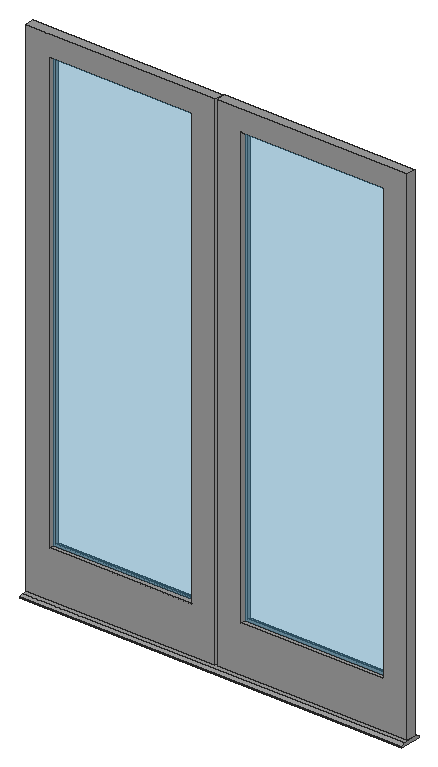
Revit family "ArmorOne-Entrance-MediumStile-GearHinge-Pairs_Eng", category Curtain Panels, Revit 2017
Family settings
  OmniClass Number = 23.25.20.14.11.11.17
  OmniClass Title = Infill Panels
  Always vertical = Yes
  Cut with Voids When Loaded = No
  Shared = No
Parameters
  Width [instance] = 6' - 2"
  Wide Stile Entrance [instance] = not(Medium Stile Entrance)  # no
  URL = "obe.com"
  Rough Width [instance] = 6' - 0"
  Offset [instance] = 0' - 0"
  Model = "AO DOOR"
  Min Panel Width [instance] = if(Rough Width > 5' 11 255/256", Rough Width, 6' 0")  # 6' - 0"
  Medium Stile Entrance [instance] = yes
  Manufacturer = "Oldcastle BuildingEnvelope®"
  Keynote = "08 11 00"
  Height [instance] = 8' - 0"
  Glass Material = Glass
  Frame Material = Aluminum
  Door Panel Height [instance] = Height + 0' 0 1/2"  # 8' - 0 1/2"
  Description = "ArmorOne Medium/Wide Stile Entrance  - 7/16\" Infill"
  Assembly Code = "B2030"
  Analytic Construction = "<None>"
  8 Bottom Rail [instance] = yes
  10 Bottom Rail [instance] = not([8 Bottom Rail])  # no
Reference planes (in)
  plane 1 "Front": y = 0
  plane 2: z = 0
  plane 3 "Center (Left/Right)": x = 0
  plane 4 "Left": x = -37
  plane 5 "Right": x = 37
  plane 6 "Top": z = 96
  plane 7: x = -36
  plane 8: x = 36
Text (in)
  text "Exterior" at (-54.29358, 31.38743, 0), in view "Ref. Level"
  text "Exterior" at (480, 41.53993, 89.60405), in view "Right"
  text "Exterior" at (-240, 57.82419, 105.78864), in view "Left"
Dimensions and locks (in)
  equal spacing: plane 4 "Left", plane 3 "Center (Left/Right)", plane 5 "Right"
  "Width": plane 4 "Left" to plane 5 "Right"
  "Height": plane 6 "Top" to plane 2
  equal spacing: plane 7, plane 3 "Center (Left/Right)", plane 8
  "Min Panel Width": plane 7 to plane 8
  aligned and locked: level to plane 2
  aligned and locked: plane 3 "Center (Left/Right)" to nested 1
  aligned and locked: plane 1 "Front" to nested 1
Nested families (in)
  nested 1: "Double Door-Panel" at (0, -16, 0), Frame Material <- "Frame Material", Glass Material <- "Glass Material", 8 Bottom Rail <- "8 Bottom Rail", Width <- "Min Panel Width", Height <- "Door Panel Height", Offset <- "Offset", Medium Stile Entrance <- "Medium Stile Entrance", type "MS-375 DOOR-Double-1-Panel"
    with Wing Width 3' - 0", built-in parameter 1001301 6' - 0", Wide Stile Entrance no, Pushbar Height 3' - 5 1/4", Offset 0' - 0", Medium Stile Entrance yes, built-in parameter 1001300 8' - 0 1/2", Glass Material Glass, Frame Material Aluminum, Edge of meeting stiles 0' - 4 1/32", Edge of door panel 0' - 4 1/16", Bottom Rail 0' - 8 59/64", 8 Bottom Rail yes, 10 Bottom Rail no
Definition of nested family "Double Door-Panel"
  Parameters (values of type "MS-375 DOOR-Double-1-Panel")
    Wing Width [instance] = Width / 2  # 2' - 6"
    Width [instance] = 5' - 0"
    Wide Stile Entrance [instance] = not(Medium Stile Entrance)  # no
    Offset [instance] = 0' - 11.1405"
    Medium Stile Entrance [instance] = yes
    Height [instance] = 8' - 0"
    Pushbar Height [instance] = 3' - 5 1/4"  # constant formula
    Glass Material [instance] = none
    Frame Material [instance] = none
    Edge of meeting stiles [instance] = if(Medium Stile Entrance, 0' 4 1/32", if(Wide Stile Entrance, 0' 5 9/32", 0' 4 1/32"))  # 0' - 4 1/32"
    Edge of door panel [instance] = if(Medium Stile Entrance, 0' 4 1/16", if(Wide Stile Entrance, 0' 5 5/16", 0' 4 1/16"))  # 0' - 4 1/16"
    Bottom Rail [instance] = if([8 Bottom Rail], 0' 8 59/64", 0' 10 59/64")  # 0' - 8 59/64"
    Analytic Construction = "<None>"
    10 Bottom Rail [instance] = not([8 Bottom Rail])  # no
    8 Bottom Rail [instance] = yes
  Reference planes (in)
    plane 1 "00": y = 4.125
    plane 2: z = 0
    plane 3 "Center (Left/Right)": x = 0
    plane 4: z = 96
    plane 5: x = -30
    plane 6: x = 30
    plane 7 "Center (Front/Back)": y = 16
    plane 8 "Exterior": y = 4.5625
    plane 9: z = 48
    plane 10: z = 8.92187
    plane 11: z = 92.125
    plane 12: z = 0
    plane 13 "Offset": y = 4.8595
  Forms (in)
    Sweep 1, solid, material <- "Frame Material"
      path origin (0, 4.125, 0) x (1, 0, 0) y (0, 0, 1)
        loop
          line (-29.79555, 96) -> (-0.22004, 96)
      profile origin (-15.00779, 4.125, 96) x (0, 0, 1) y (0, -1, 0)
        loop
          line (-0.625, -0.672) -> (-0.625, 1.078) -> (-2.87093, 1.078) -> (-4.437, 1.078) -> (-4.437, 0.215) -> (-3.84375, 0.215) -> (-3.84375, -0.215) -> (-4.625, -0.215) -> (-4.625, -0.672) -> (-2.87093, -0.672) -> (-0.625, -0.672)
    Sweep 2, solid, material <- "Frame Material"
      path origin (0, 4.125, 0) x (1, 0, 0) y (0, 0, 1)
        loop
          line (-0.22004, 0) -> (-29.79555, 0)
      profile origin (-15.00779, 4.125, 0) x (0, 0, -1) y (0, -1, 0)
        loop
          line (-4.94906, -0.672) -> (-0.6875, -0.672) -> (-0.6875, 1.078) -> (-4.94906, 1.078) -> (-9.49949, 1.078) -> (-9.49949, 0.215) -> (-8.92187, 0.215) -> (-8.92187, -0.215) -> (-9.68749, -0.215) -> (-9.68749, -0.672) -> (-4.94906, -0.672)
    Sweep 3, solid, material <- "Frame Material"
      path origin (0, 4.125, 0) x (1, 0, 0) y (0, 0, 1)
        loop
          line (29.24042, 95.375) -> (29.24042, 0.6875)
      profile origin (29.24042, 4.125, 48.03125) x (0, -1, 0) y (1, 0, 0)
        loop
          line (-0.672, 0.55758) -> (-0.672, -1.45435) -> (-0.672, -4.08417) -> (-0.21513, -4.08417) -> (-0.21513, -3.30292) -> (0.215, -3.30292) -> (0.215, -3.89617) -> (1.078, -3.89617) -> (1.078, -1.45435) -> (1.078, 0.55683) -> (-0.672, 0.66583) -> (-0.672, 0.55758)
    Sweep 4, solid, material <- "Frame Material"
      path origin (0, 4.125, 0) x (1, 0, 0) y (0, 0, 1)
        loop
          line (-29.25, 95.375) -> (-29.25, 0.6875)
      profile origin (-29.25, 4.125, 48.03125) x (0, -1, 0) y (1, 0, 0)
        loop
          line (-0.672, -0.65455) -> (1.078, -0.54555) -> (1.078, 1.46393) -> (1.078, 3.90575) -> (0.215, 3.90575) -> (0.215, 3.3125) -> (-0.215, 3.3125) -> (-0.215, 4.09375) -> (-0.672, 4.09375) -> (-0.672, 1.46393) -> (-0.672, -0.65455)
    Sweep 5, solid, material <- "Frame Material"
      path origin (0, 4.125, 0) x (1, 0, 0) y (0, 0, 1)
        loop
          line (0, 95.375) -> (0, 0.6875)
      profile origin (0, 4.125, 48.03125) x (0, -1, 0) y (1, 0, 0)
        loop
          line (-0.672, -0.17438) -> (-0.672, -2.18343) -> (-0.672, -4.8125) -> (-0.21513, -4.8125) -> (-0.21513, -4.03125) -> (0.215, -4.03125) -> (0.215, -4.6245) -> (1.078, -4.6245) -> (1.078, -2.18343) -> (1.078, -0.22063)
          arc (1.078, -0.22063) -> (0.20714, -0.04083) -> (-0.672, -0.17438) r 2.52255
        loop
          arc (-0.672, 0.22063) -> (0.2073, 0.08458) -> (1.078, 0.26781) r 2.47882
          line (1.078, 0.26781) -> (1.078, 2.18343) -> (1.078, 4.6245) -> (0.215, 4.6245) -> (0.215, 4.03125) -> (-0.21513, 4.03125) -> (-0.21513, 4.8125) -> (-0.672, 4.8125) -> (-0.672, 2.18343) -> (-0.672, 0.22063)
    Sweep 6, solid, material <- "Frame Material"
      path origin (0, 4.125, 0) x (1, 0, 0) y (0, 0, 1)
        loop
          line (0.22004, 96) -> (29.79725, 96)
      profile origin (15.00864, 4.125, 96) x (0, 0, 1) y (0, -1, 0)
        loop
          line (-0.625, -0.672) -> (-0.625, 1.078) -> (-2.77706, 1.078) -> (-4.46825, 1.078) -> (-4.46825, 0.215) -> (-3.875, 0.215) -> (-3.875, -0.215) -> (-4.65625, -0.215) -> (-4.65625, -0.672) -> (-2.77706, -0.672) -> (-0.625, -0.672)
    Sweep 7, solid, material <- "Frame Material"
      path origin (0, 4.125, 0) x (1, 0, 0) y (0, 0, 1)
        loop
          line (29.79725, 0) -> (0.22004, 0)
      profile origin (15.00864, 4.125, 0) x (0, 0, -1) y (0, -1, 0)
        loop
          line (-3.49593, -0.672) -> (-0.6875, -0.672) -> (-0.6875, 1.078) -> (-3.49593, 1.078) -> (-9.49949, 1.078) -> (-9.49949, 0.215) -> (-8.92187, 0.215) -> (-8.92187, -0.215) -> (-9.68749, -0.215) -> (-9.68749, -0.672) -> (-3.49593, -0.672)
    Extrusion 8, solid, material <- "Glass Material", detail levels coarse
      sketch origin (0, 0, 0) x (1, 0, 0) y (0, 1, 0)
        loop
          line (4.03125, 4.34) -> (4.03125, 3.91) -> (25.9375, 3.91) -> (25.9375, 4.34) -> (4.03125, 4.34)
      from 92.125 to 8.92188
    Extrusion 9, solid, material <- "Glass Material", detail levels medium+fine
      sketch origin (0, 0, 0) x (1, 0, 0) y (0, 1, 0)
        loop
          line (4.03125, 3.91) -> (25.9375, 3.91) -> (25.9375, 4.035) -> (4.03125, 4.035) -> (4.03125, 3.91)
        loop
          line (25.9375, 4.34) -> (4.03125, 4.34) -> (4.03125, 4.215) -> (25.9375, 4.215) -> (25.9375, 4.34)
      from 8.92188 to 92.125
    Extrusion 10, solid, material <- "Glass Material", detail levels medium+fine
      sketch origin (0, 0, 0) x (1, 0, 0) y (0, 1, 0)
        loop
          line (-25.9375, 3.91) -> (-4.03125, 3.91) -> (-4.03125, 4.035) -> (-25.9375, 4.035) -> (-25.9375, 3.91)
        loop
          line (-4.03125, 4.34) -> (-25.9375, 4.34) -> (-25.9375, 4.215) -> (-4.03125, 4.215) -> (-4.03125, 4.34)
      from 8.92188 to 92.125
    Extrusion 11, solid, material <- "Glass Material", detail levels coarse
      sketch origin (0, 0, 0) x (1, 0, 0) y (0, 1, 0)
        loop
          line (-25.9375, 4.34) -> (-25.9375, 3.91) -> (-4.03125, 3.91) -> (-4.03125, 4.34) -> (-25.9375, 4.34)
      from 8.92188 to 92.125
    Sweep 12, solid, material <- "Frame Material"
      path origin (0, 4.8595, 0) x (1, 0, 0) y (0, 0, 1)
        loop
          line (-29.798, 0) -> (29.798, 0)
      profile origin (0, 4.8595, 0) x (0, 0, 1) y (0, -1, 0)
        loop
          line (0.5, 2.46847) -> (0.19362, 3.1255) -> (0, 3.1255) -> (0, -0.8745) -> (0.19362, -0.8745) -> (0.5, -0.21747) -> (0.5, 2.46847)
  Cuts and joins
    joined: Sweep 1, Sweep 2, Sweep 3, Sweep 4, Sweep 5, Sweep 6, Sweep 7
  Lines and regions (in)
    model lines
      curve 1: line (4.5625, 4.5625, 91.84375) -> (25.9375, 4.5625, 48.02216)
      curve 2: line (25.9375, 4.5625, 48.02216) -> (4.6245, 4.5625, 9.20312)
      curve 3: line (-4.8125, 4.5625, 91.84375) -> (-25.407, 4.5625, 48)
      curve 4: line (-25.407, 4.5625, 48) -> (-4.8125, 4.5625, 9.20312)
  Dimensions and locks (in)
    "Height": plane 4 to level
    equal spacing: plane 5, plane 3 "Center (Left/Right)", plane 6
    "Width": plane 5 to plane 6
    plane 1 "00" to plane 8 "Exterior" to plane 13 "Offset" = 0' - 0 7/16" locked, 0' - 0.297" locked
    equal spacing: level, plane 9, plane 4
    locked: plane 3 "Center (Left/Right)" to Sweep 2 sketch curve at 0.22004
    locked: Sweep 3 sketch curve to plane 4 at 0.625
    locked: Sweep 4 sketch curve to plane 4 at 0.625
    locked: plane 3 "Center (Left/Right)" to Sweep 1 sketch curve at 0.22004
    locked: Sweep 6 sketch curve to plane 3 "Center (Left/Right)" at 0.22004
    locked: Sweep 7 sketch curve to plane 3 "Center (Left/Right)" at 0.22004
    locked: Sweep 5 sketch curve to plane 4 at 0.625
    "Bottom Rail": plane 10 to plane 2
    locked: Sweep 7 sketch curve to plane 10 at 0.57761
    locked: Sweep 7 sketch curve to plane 10 at 0.76561
    locked: Sweep 2 sketch curve to plane 10 at 0.57761
    locked: Sweep 2 sketch curve to plane 10 at 0.76561
    equal spacing: plane 4, plane 9, plane 12
    locked: plane 11 to Sweep 6 sketch curve at 0.59325
    locked: plane 11 to Sweep 6 sketch curve at 0.78125
    locked: plane 4 to plane 11 at 3.875
    Extrusion 10 sketch curve to Extrusion 10 sketch curve to plane 1 "00" to Extrusion 10 sketch curve to Extrusion 10 sketch curve = 0' - 0 1/8" locked, 0' - 0.09" locked, 0' - 0.09" locked, 0' - 0 1/8" locked
    Extrusion 11 sketch curve to plane 1 "00" to Extrusion 11 sketch curve = 0' - 0.215" locked, 0' - 0.215" locked
    Extrusion 9 sketch curve to Extrusion 9 sketch curve to plane 1 "00" to Extrusion 9 sketch curve to Extrusion 9 sketch curve = 0' - 0 1/8" locked, 0' - 0.09" locked, 0' - 0.09" locked, 0' - 0 1/8" locked
    Extrusion 8 sketch curve to plane 1 "00" to Extrusion 8 sketch curve = 0' - 0.215" locked, 0' - 0.215" locked
    "Offset": plane 13 "Offset" to plane 7 "Center (Front/Back)"
    nested 1 to plane 1 "00" = 0' - 0 1/16"
    locked: plane 6 to Sweep 12 sketch curve at 0.202
    locked: Sweep 12 sketch curve to plane 5 at 0.202
    locked: Sweep 4 sketch curve to plane 12 at 0.6875
    locked: Sweep 5 sketch curve to plane 12 at 0.6875
    locked: Sweep 3 sketch curve to plane 12 at 0.6875
    nested 3 to plane 13 "Offset" = 0' - 0.797"
    "Edge of door panel": plane 5 to Sweep 4 sketch curve
    Sweep 4 sketch curve to Sweep 4 sketch curve to Sweep 4 sketch curve = 0' - 0.59325" locked, 0' - 0.188" locked
    "Edge of door panel": Sweep 3 sketch curve to plane 6
    Sweep 3 sketch curve to Sweep 3 sketch curve to Sweep 3 sketch curve = 0' - 0.188" locked, 0' - 0.59325" locked
    "Edge of meeting stiles": Sweep 5 sketch curve to plane 3 "Center (Left/Right)"
    "Edge of meeting stiles": plane 3 "Center (Left/Right)" to Sweep 5 sketch curve
    Sweep 5 sketch curve to Sweep 5 sketch curve to Sweep 5 sketch curve = 0' - 0.188" locked, 0' - 0.59325" locked
    Sweep 5 sketch curve to Sweep 5 sketch curve to Sweep 5 sketch curve = 0' - 0.59325" locked, 0' - 0.188" locked
    Sweep 4 sketch curve to Sweep 4 sketch curve to Sweep 4 sketch curve to Sweep 4 sketch curve to plane 13 "Offset" = 0' - 0.863" locked, 0' - 0.43" locked, 0' - 0.457" locked, 0' - 0 1/16" locked
    Sweep 5 sketch curve to Sweep 5 sketch curve to Sweep 5 sketch curve to Sweep 5 sketch curve to plane 13 "Offset" = 0' - 0.863" locked, 0' - 0.43012" locked, 0' - 0.45687" locked, 0' - 0 1/16" locked  (x2)
    Sweep 3 sketch curve to Sweep 3 sketch curve to Sweep 3 sketch curve to Sweep 3 sketch curve to plane 13 "Offset" = 0' - 0.863" locked, 0' - 0.43012" locked, 0' - 0.45687" locked, 0' - 0 1/16" locked
    locked: nested 3 to plane 1 "00" at 0.0625
    locked: nested 1 to plane 1 "00" at 0.0625
    aligned and locked: plane 2 to level
    aligned and locked: plane 3 "Center (Left/Right)" to nested 1
    aligned and locked: Sweep 1 sketch curve to plane 4
    aligned and locked: Sweep 2 sketch curve to level
    aligned and locked: level to nested 2
    aligned and locked: nested 2 to plane 1 "00"
    aligned and locked: plane 3 "Center (Left/Right)" to Sweep 5 sketch curve
    aligned and locked: Sweep 7 sketch curve to level
    aligned and locked: plane 4 to Sweep 6 sketch curve
    aligned and locked: Extrusion 10 to plane 10
    aligned and locked: Extrusion 11 to plane 10
    aligned and locked: Extrusion 9 to plane 10
    aligned and locked: Extrusion 8 to plane 10
    aligned and locked: plane 9 to curve 3
    aligned and locked: Sweep 12 sketch curve to plane 12
    aligned and locked: plane 3 "Center (Left/Right)" to nested 3
    aligned and locked: Sweep 7 sketch curve to plane 10
    aligned and locked: Extrusion 9 to Sweep 3  (x2)
    aligned and locked: Extrusion 9 to Sweep 5  (x2)
    aligned and locked: Extrusion 8 to Sweep 5
    aligned and locked: Extrusion 8 to Sweep 3
    aligned and locked: Extrusion 10 to Sweep 5  (x2)
    aligned and locked: Extrusion 10 to Sweep 4  (x2)
    aligned and locked: Extrusion 11 to Sweep 5
    aligned and locked: Extrusion 11 to Sweep 4
    aligned and locked: plane 11 to Extrusion 11
    aligned and locked: plane 11 to Extrusion 10
    aligned and locked: plane 11 to Sweep 6 sketch curve
    aligned and locked: plane 11 to Extrusion 9
    aligned and locked: plane 11 to Extrusion 8
  Automatic sketch dimensions
    plane 3 "Center (Left/Right)" to Extrusion 8 sketch curve = 0' - 4 1/32"
    plane 3 "Center (Left/Right)" to Extrusion 9 sketch curve = 0' - 4 1/32"
    Extrusion 9 sketch curve to Extrusion 9 sketch curve = 0' - 0"  (x2)
    Extrusion 10 sketch curve to Extrusion 10 sketch curve = 0' - 0"  (x2)
    Extrusion 10 sketch curve to plane 3 "Center (Left/Right)" = 0' - 4 1/32"
    Extrusion 11 sketch curve to plane 3 "Center (Left/Right)" = 0' - 4 1/32"
    plane 5 to Sweep 1 sketch curve = 0' - 0.20445"
    plane 5 to Sweep 2 sketch curve = 0' - 0.20445"
    Sweep 3 sketch curve to plane 6 = 0' - 0.75958"
    plane 5 to Sweep 4 sketch curve = 0' - 0 3/4"
    Sweep 6 sketch curve to plane 6 = 0' - 0.20275"
    Sweep 7 sketch curve to plane 6 = 0' - 0.20275"
    Extrusion 8 sketch curve to plane 6 = 0' - 4 1/16"
    Extrusion 9 sketch curve to plane 6 = 0' - 4 1/16"
    plane 5 to Extrusion 10 sketch curve = 0' - 4 1/16"
    plane 5 to Extrusion 11 sketch curve = 0' - 4 1/16"
    plane 5 to curve 3 = 0' - 4.593"
    plane 9 to curve 2 = 0' - 0.02216"
    curve 1 to plane 11 = 0' - 0 9/32"
    plane 3 "Center (Left/Right)" to curve 1 = 0' - 4 9/16"
    plane 10 to curve 4 = 0' - 0 9/32"
    plane 10 to curve 2 = 0' - 0 9/32"
    curve 3 to plane 11 = 0' - 0 9/32"
    curve 4 to plane 3 "Center (Left/Right)" = 0' - 4 13/16"
    curve 3 to plane 3 "Center (Left/Right)" = 0' - 4 13/16"
    plane 3 "Center (Left/Right)" to curve 2 = 0' - 4.6245"
    curve 2 to plane 6 = 0' - 4 1/16"
    Sweep 1 sketch curve to plane 1 "00" = 0' - 0.215"
    profile plane to Sweep 1 sketch curve = 0' - 4 5/8"
    plane 1 "00" to Sweep 1 sketch curve = 0' - 0.215"
    Sweep 1 sketch curve to Sweep 1 sketch curve = 0' - 0.188"
    Sweep 1 sketch curve to Sweep 1 sketch curve = 0' - 0.59325"
    Sweep 1 sketch curve to Sweep 1 sketch curve = 0' - 0.97282"  (x2)
    profile plane to Sweep 1 sketch curve = 0' - 0 5/8"
    Sweep 1 sketch curve to plane 1 "00" = 0' - 0.672"
    plane 1 "00" to Sweep 1 sketch curve = 0' - 1.078"
    Sweep 6 sketch curve to Sweep 6 sketch curve = 0' - 1.09794"  (x2)
    profile plane to Sweep 6 sketch curve = 0' - 0 5/8"
    Sweep 6 sketch curve to plane 1 "00" = 0' - 0.672"
    Sweep 6 sketch curve to plane 1 "00" = 0' - 0.215"
    plane 1 "00" to Sweep 6 sketch curve = 0' - 0.215"
    plane 1 "00" to Sweep 6 sketch curve = 0' - 1.078"
    plane 1 "00" to Sweep 7 sketch curve = 0' - 1.078"
    profile plane to Sweep 7 sketch curve = 0' - 3.49593"
    Sweep 7 sketch curve to plane 1 "00" = 0' - 0.672"
    Sweep 7 sketch curve to Sweep 7 sketch curve = 0' - 0"
    profile plane to Sweep 7 sketch curve = 0' - 0 11/16"
    Sweep 7 sketch curve to plane 1 "00" = 0' - 0.215"
    plane 1 "00" to Sweep 7 sketch curve = 0' - 0.215"
    plane 1 "00" to Sweep 2 sketch curve = 0' - 0.215"
    Sweep 2 sketch curve to Sweep 2 sketch curve = 0' - 0.57761"
    plane 1 "00" to Sweep 2 sketch curve = 0' - 1.078"
    Sweep 2 sketch curve to Sweep 2 sketch curve = 0' - 3.97282"
    Sweep 2 sketch curve to plane 1 "00" = 0' - 0.672"
    Sweep 2 sketch curve to Sweep 2 sketch curve = 0' - 0"
    profile plane to Sweep 2 sketch curve = 0' - 0 11/16"
    Sweep 2 sketch curve to plane 1 "00" = 0' - 0.215"
    profile plane to Sweep 12 sketch curve = 0' - 0"
    Sweep 12 sketch curve to Sweep 12 sketch curve = 0' - 0.19362"  (x2)
    Sweep 12 sketch curve to plane 13 "Offset" = 0' - 0.21747"
    Sweep 12 sketch curve to profile plane = 0' - 0 1/2"
    Sweep 12 sketch curve to plane 13 "Offset" = 0' - 0.8745"
    plane 13 "Offset" to Sweep 12 sketch curve = 0' - 3.1255"
    Sweep 12 sketch curve to Sweep 12 sketch curve = 0' - 0.65703"
    profile plane to Sweep 3 sketch curve = 0' - 1.45435"  (x2)
    Sweep 3 sketch curve to profile plane = 0' - 0.55683"
    Sweep 3 sketch curve to profile plane = 0' - 0.55758"
    Sweep 3 sketch curve to Sweep 3 sketch curve = 0' - 0.10825"
    Sweep 4 sketch curve to profile plane = 0' - 1.46393"  (x2)
    profile plane to Sweep 4 sketch curve = 0' - 0.54555"
    profile plane to Sweep 4 sketch curve = 0' - 0.65455"
    plane 1 "00" to Sweep 5 sketch curve = 0' - 0.1405"  (x2)
    Sweep 5 sketch curve to Sweep 5 sketch curve = 0' - 1 15/32"
    Sweep 5 sketch curve to Sweep 5 sketch curve = 0' - 0.37907"  (x4)
    profile plane to Sweep 5 sketch curve = 0' - 0.22063"
    Sweep 5 sketch curve to profile plane = 0' - 0.22063"
    Sweep 5 sketch curve to profile plane = 0' - 0.26781"
  Nested families (in)
    nested 1: "M Stile-Double Door-Plan View" at (0, 4.0625, 0), Width <- "Width", Wing Width <- "Wing Width", visible <- "Medium Stile Entrance", type "M Stile-Double Door-Plan View"
      with Wing Width 2' - 6", Width 5' - 0"
    nested 2: "Door Section" at (0, 4.125, 0) x (0, -1, 0) z (1, 0, 0), Height <- "Height", 8 Bottom Rail <- "8 Bottom Rail", type "Door Section"
      with Height 8' - 0", Bottom Rail 0' - 8 59/64", 8 Bottom Rail yes, 10 Bottom Rail no
    nested 3: "W Stile-Double Door-Plan View" at (0, 4.0625, 0), Width <- "Width", visible <- "Wide Stile Entrance", type "W Stile-Double Door-Plan View"
      with Wing Width 2' - 6", Width 5' - 0"
  Definition of nested family "M Stile-Double Door-Plan View"
    Parameters (values of type "M Stile-Double Door-Plan View")
      Wing Width [instance] = Width / 2  # 2' - 0"
      Width [instance] = 4' - 0"
    Reference planes (in)
      plane 1 "Center (Front/Back)": y = 0
      plane 2: z = 0
      plane 3 "Center (Left/Right)": x = 0
      plane 4: x = -24
      plane 5: x = 24
      plane 6: x = -22.68437
      plane 7: x = 22.68437
    Lines and regions (in)
      Filled region 1, type "Solid Fill - Black", in view "Ref. Level", detail levels fine
        outline origin (0, 0, 0) x (1, 0, 0) y (0, 1, 0)
          loop
            line (22.59437, 19.96875) -> (22.59437, 5.31227) -> (22.77437, 5.31227) -> (22.77437, 19.96875) -> (22.59437, 19.96875)
      Filled region 2, type "Solid Fill - Black", in view "Ref. Level", detail levels fine
        outline origin (0, 0, 0) x (1, 0, 0) y (0, 1, 0)
          loop
            line (-22.77437, 19.96875) -> (-22.77437, 5.31227) -> (-22.59437, 5.31227) -> (-22.59437, 19.96875) -> (-22.77437, 19.96875)
      detail lines, in view "Ref. Level"
        curve 1: arc (0.0625, 0, 0) -> (6.14768, 15.94674, 0) -> (21.30937, 23.7858, 0) r 23.9375
        curve 2: arc (-0.0625, 0, 0) -> (-6.14768, 15.94674, 0) -> (-21.30937, 23.7858, 0) r 23.9375
        curve 3: line (-22.89937, 19.91792, 0) -> (-22.89937, 5.31227, 0)
        curve 6: line (-22.46937, 19.91792, 0) -> (-22.46937, 5.31227, 0)
        curve 15: line (22.46937, 19.91792, 0) -> (22.46937, 5.31227, 0)
        curve 18: line (22.89937, 19.91792, 0) -> (22.89937, 5.31227, 0)
      detail lines, in view "Ref. Level", detail levels medium+fine
        curve 4: line (-22.77437, 19.91792, 0) -> (-22.77437, 5.31227, 0)
        curve 5: line (-22.59437, 19.91792, 0) -> (-22.59437, 5.31227, 0)
        curve 16: line (22.59437, 19.91792, 0) -> (22.59437, 5.31227, 0)
        curve 17: line (22.77437, 19.91792, 0) -> (22.77437, 5.31227, 0)
      detail lines, in view "Ref. Level", not visible
        curve 7: line (-19.68825, 0.5, 0) -> (-4.28125, 0.5, 0)
        curve 8: line (-19.68825, -0.252, 0) -> (-4.28125, -0.252, 0)
        curve 9: line (-19.68825, -0.5, 0) -> (-4.28125, -0.5, 0)
        curve 10: line (-19.68825, 0.252, 0) -> (-4.28125, 0.252, 0)
        curve 11: line (4.28125, 0.5, 0) -> (19.68825, 0.5, 0)
        curve 12: line (19.68825, 0.252, 0) -> (4.28125, 0.252, 0)
        curve 13: line (4.28125, -0.252, 0) -> (19.68825, -0.252, 0)
        curve 14: line (19.68825, -0.5, 0) -> (4.28125, -0.5, 0)
    Dimensions and locks (in)
      equal spacing: plane 4, plane 3 "Center (Left/Right)", plane 5
      "Wing Width": plane 1 "Center (Front/Back)" to nested 1
      "Wing Width": plane 1 "Center (Front/Back)" to nested 2
      locked: plane 1 "Center (Front/Back)" to nested 4 at 1.00023
      locked: nested 5 to plane 1 "Center (Front/Back)" at 1.00023
      locked: plane 4 to plane 6 at 1.31563
      locked: plane 7 to plane 5 at 1.31563
      "Width": plane 4 to plane 5
      plane 5 to nested 6 to nested 3 = 0' - 2 1/4" locked, 0' - 0" locked
      nested 8 to nested 7 to plane 4 = 0' - 0" locked, 0' - 2 1/4" locked
      locked: plane 5 to nested 3 at 2.25
      locked: nested 6 to plane 1 "Center (Front/Back)" at 0.1118
      locked: nested 7 to plane 1 "Center (Front/Back)" at 0.1118
      aligned and locked: plane 1 "Center (Front/Back)" to nested 3
      aligned and locked: nested 2 to plane 6
      aligned and locked: plane 6 to nested 5
      aligned and locked: nested 8 to plane 1 "Center (Front/Back)"
      aligned and locked: nested 1 to plane 7
      aligned and locked: plane 7 to nested 4
      aligned and locked: nested 9 to plane 1 "Center (Front/Back)"
      aligned and locked: nested 9 to plane 3 "Center (Left/Right)"
      aligned and locked: curve 16 to nested 1
      aligned and locked: nested 1 to curve 17
      aligned and locked: curve 15 to nested 1
      aligned and locked: curve 18 to nested 4
      aligned and locked: curve 6 to nested 5
      aligned and locked: curve 5 to nested 5
      aligned and locked: curve 4 to nested 5
      aligned and locked: curve 3 to nested 5
      aligned and locked: Filled region 1 sketch curve to curve 16
      aligned and locked: Filled region 1 sketch curve to curve 17
      aligned and locked: Filled region 1 sketch curve to nested 4
      aligned and locked: nested 1 to Filled region 1 sketch curve
      aligned and locked: Filled region 2 sketch curve to curve 4
      aligned and locked: Filled region 2 sketch curve to curve 5
      aligned and locked: nested 5 to Filled region 2 sketch curve
      aligned and locked: Filled region 2 sketch curve to nested 2
    Automatic sketch dimensions
      plane 1 "Center (Front/Back)" to curve 2 = 0' - 0"
      curve 2 to plane 4 = 0' - 0"
      plane 1 "Center (Front/Back)" to curve 1 = 0' - 0"
      curve 1 to plane 5 = 0' - 0"
      curve 2 to plane 6 = 0' - 1 3/8"
      curve 7 to plane 1 "Center (Front/Back)" = 0' - 0 1/2"
      curve 7 to plane 6 = 0' - 2.99612"
      curve 9 to curve 7 = 0' - 0"
      curve 10 to curve 7 = 0' - 0"  (x2)
      curve 8 to curve 9 = 0' - 0"  (x2)
      curve 7 to plane 3 "Center (Left/Right)" = 0' - 4 9/32"
      curve 9 to curve 10 = 0' - 0"
      curve 2 to plane 3 "Center (Left/Right)" = 0' - 0 1/16"
      plane 3 "Center (Left/Right)" to curve 1 = 0' - 0 1/16"
      curve 12 to plane 1 "Center (Front/Back)" = 0' - 0.252"
      curve 1 to curve 12 = 0' - 4 7/32"
      curve 14 to curve 12 = 0' - 0"
      curve 11 to curve 12 = 0' - 0"  (x2)
      curve 13 to curve 14 = 0' - 0"  (x2)
      plane 1 "Center (Front/Back)" to curve 14 = 0' - 0 1/2"
      plane 7 to curve 14 = 0' - 2.99612"
      curve 12 to curve 14 = 0' - 0"
      plane 7 to curve 1 = 0' - 1 3/8"
      plane 1 "Center (Front/Back)" to curve 8 = 0' - 0.252"
      curve 14 to curve 13 = 0' - 0.248"
      curve 9 to curve 8 = 0' - 0.248"
      curve 10 to curve 7 = 0' - 0.248"
      curve 12 to curve 11 = 0' - 0.248"
      curve 6 to plane 1 "Center (Front/Back)" = 0' - 5.31227"
      curve 5 to curve 6 = 0' - 0"  (x2)
      curve 16 to plane 1 "Center (Front/Back)" = 0' - 5.31227"
      curve 16 to curve 17 = 0' - 0"
      curve 4 to curve 5 = 0' - 0"
      curve 17 to curve 18 = 0' - 0"  (x2)
      curve 3 to curve 4 = 0' - 0"  (x2)
      curve 15 to curve 16 = 0' - 0"  (x2)
      curve 4 to curve 2 = 0' - 3.86788"
      curve 18 to curve 1 = 0' - 3.86788"
      curve 15 to curve 18 = 0' - 0"
      curve 4 to curve 6 = 0' - 0"
    Nested families (in)
      nested 1: "M STILE-R-DI" at (22.68437, 24, 0) x (0, 1, 0) z (0, 0, 1), type "M STILE-R-DI", in view "Ref. Level"
      nested 2: "M STILE-L-DI" at (-22.68437, 24, 0) x (0, 1, 0) z (0, 0, 1), type "M STILE-L-DI", in view "Ref. Level"
      nested 3: "STILE-DI" at (26.25, 0, 0), type "STILE-DI", in view "Ref. Level", not visible
      nested 4: "STILE-DI" at (22.68437, -1.00023, 0) x (0, -1, 0) z (0, 0, 1), type "STILE-DI", in view "Ref. Level"
      nested 5: "STILE-DI" at (-22.68437, -1.00023, 0) x (0, -1, 0) z (0, 0, 1), type "STILE-DI", in view "Ref. Level"
      nested 6: "Hinge_Fine 1" at (26.25, -0.1118, 0) x (-1, 0, 0) z (0, 0, 1), type "Hinge_Fine 1", in view "Ref. Level"
      nested 7: "Hinge_Fine 1" at (-26.25, -0.1118, 0), type "Hinge_Fine 1", in view "Ref. Level"
      nested 8: "STILE-DI" at (-26.25, 0, 0) x (-1, 0, 0) z (0, 0, 1), type "STILE-DI", in view "Ref. Level", not visible
      nested 9: "M STILE@PAIR-DI" at (0, 0, 0) x (-1, 0, 0) z (0, 0, 1), type "M STILE@PAIR-DI", in view "Ref. Level", not visible
    Definition of nested family "M STILE-R-DI"
      Reference planes (in)
        plane 1 "Center (Front/Back)": y = 0
        plane 2: z = 0
        plane 3 "Center (Left/Right)": x = 0
    Definition of nested family "M STILE-L-DI"
      Reference planes (in)
        plane 1 "Center (Front/Back)": y = 0
        plane 2: z = 0
        plane 3 "Center (Left/Right)": x = 0
    Definition of nested family "STILE-DI"
      Reference planes (in)
        plane 1 "Center (Front/Back)": y = 0
        plane 2: z = 0
        plane 3 "Center (Left/Right)": x = 0
    Definition of nested family "Hinge_Fine 1"
      Reference planes (in)
        plane 1 "Center (Front/Back)": y = 0
        plane 2: z = 0
        plane 3 "Center (Left/Right)": x = 0
    Definition of nested family "M STILE@PAIR-DI"
      Reference planes (in)
        plane 1 "Center (Front/Back)": y = 0
        plane 2: z = 0
        plane 3 "Center (Left/Right)": x = 0
  Definition of nested family "Door Section"
    Parameters (values of type "Door Section")
      Height [instance] = 4' - 0"
      Bottom Rail [instance] = if([10 Bottom Rail], 0' 10 59/64", 0' 8 59/64")  # 0' - 10 59/64"
      8 Bottom Rail [instance] = no
      10 Bottom Rail [instance] = not([8 Bottom Rail])  # yes
    Reference planes (in)
      plane 1 "Center (Front/Back)": y = 0
      plane 2: z = 0
      plane 3 "Center (Left/Right)": x = 0
      plane 4: y = 44.125
      plane 5: y = 48
      plane 6: y = 10.92188
    Lines and regions (in)
      Filled region 1, type "Solid Fill - Black", in view "Ref. Level", detail levels fine
        outline origin (0, 0, 0) x (1, 0, 0) y (0, 1, 0)
          loop
            line (-0.09, 44.125) -> (-0.09, 10.92188) -> (0.09, 10.92188) -> (0.09, 44.125) -> (-0.09, 44.125)
      detail lines, in view "Ref. Level"
        curve 1: line (-0.215, 44.125, 0) -> (-0.215, 10.92188, 0)
        curve 4: line (0.215, 44.125, 0) -> (0.215, 10.92188, 0)
      detail lines, in view "Ref. Level", detail levels medium+fine
        curve 2: line (-0.09, 44.125, 0) -> (-0.09, 10.92188, 0)
        curve 3: line (0.09, 44.125, 0) -> (0.09, 10.92188, 0)
    Dimensions and locks (in)
      nested 1 to plane 5 to plane 4 = 0' - 2 31/32" locked, 0' - 3 7/8" locked
      "Bottom Rail": plane 1 "Center (Front/Back)" to plane 6
      "Height": plane 1 "Center (Front/Back)" to plane 5
      plane 1 "Center (Front/Back)" to nested 2 to nested 3 = 0' - 8.92224" locked, 0' - 2" locked
      aligned and locked: plane 3 "Center (Left/Right)" to nested 1
      aligned and locked: plane 3 "Center (Left/Right)" to nested 2
      aligned and locked: plane 3 "Center (Left/Right)" to nested 3
      aligned and locked: plane 4 to curve 1
      aligned and locked: plane 4 to curve 2
      aligned and locked: plane 4 to curve 3
      aligned and locked: plane 4 to curve 4
      aligned and locked: plane 6 to curve 1
      aligned and locked: plane 6 to curve 2
      aligned and locked: plane 6 to curve 3
      aligned and locked: plane 6 to curve 4
      aligned and locked: Filled region 1 sketch curve to curve 2
      aligned and locked: curve 3 to Filled region 1 sketch curve
      aligned and locked: Filled region 1 sketch curve to plane 6
      aligned and locked: Filled region 1 sketch curve to plane 4
    Automatic sketch dimensions
      curve 1 to plane 3 "Center (Left/Right)" = 0' - 0.215"
      plane 3 "Center (Left/Right)" to curve 3 = 0' - 0.09"
      curve 1 to curve 2 = 0' - 0 1/8"
      curve 3 to curve 4 = 0' - 0 1/8"
    Nested families (in)
      nested 1: "TOP RAIL-DI" at (0, 50.96875, 0), type "TOP RAIL-DI", in view "Ref. Level"
      nested 2: "BOT RAIL-8-DI" at (0, 8.92224, 0), visible <- "8 Bottom Rail", type "BOT RAIL-8-DI", in view "Ref. Level"
      nested 3: "BOT RAIL-10-DI" at (0, 10.92224, 0), visible <- "10 Bottom Rail", type "BOT RAIL-10-DI", in view "Ref. Level"
    Definition of nested family "TOP RAIL-DI"
      Reference planes (in)
        plane 1 "Center (Front/Back)": y = 0
        plane 2: z = 0
        plane 3 "Center (Left/Right)": x = 0
    Definition of nested family "BOT RAIL-8-DI"
      Reference planes (in)
        plane 1 "Center (Front/Back)": y = 0
        plane 2: z = 0
        plane 3 "Center (Left/Right)": x = 0
    Definition of nested family "BOT RAIL-10-DI"
      Reference planes (in)
        plane 1 "Center (Front/Back)": y = 0
        plane 2: z = 0
        plane 3 "Center (Left/Right)": x = 0
  Definition of nested family "W Stile-Double Door-Plan View"
    Parameters (values of type "W Stile-Double Door-Plan View")
      Wing Width [instance] = Width / 2  # 3' - 0"
      Width [instance] = 6' - 0"
    Reference planes (in)
      plane 1 "Center (Front/Back)": y = 0
      plane 2: z = 0
      plane 3 "Center (Left/Right)": x = 0
      plane 4: x = -36
      plane 5: x = 36
      plane 6: x = -34.68437
      plane 7: x = 34.68437
    Lines and regions (in)
      Filled region 1, type "Solid Fill - Black", in view "Ref. Level", detail levels fine
        outline origin (0, 0, 0) x (1, 0, 0) y (0, 1, 0)
          loop
            line (34.59437, 30.71875) -> (34.59437, 6.56227) -> (34.77437, 6.56227) -> (34.77437, 30.71875) -> (34.59437, 30.71875)
      Filled region 2, type "Solid Fill - Black", in view "Ref. Level", detail levels fine
        outline origin (0, 0, 0) x (1, 0, 0) y (0, 1, 0)
          loop
            line (-34.77437, 30.71875) -> (-34.77437, 6.56227) -> (-34.59437, 6.56227) -> (-34.59437, 30.71875) -> (-34.77437, 30.71875)
      detail lines, in view "Ref. Level"
        curve 1: arc (0.0625, 0, 0) -> (9.65424, 24.44186, 0) -> (33.30937, 35.83663, 0) r 35.9375
        curve 2: arc (-0.0625, 0, 0) -> (-9.65424, 24.44186, 0) -> (-33.30937, 35.83663, 0) r 35.9375
        curve 11: line (-34.46937, 30.71875, 0) -> (-34.46937, 6.56227, 0)
        curve 14: line (-34.89937, 30.71875, 0) -> (-34.89937, 6.56227, 0)
        curve 15: line (34.89937, 30.71875, 0) -> (34.89937, 6.56227, 0)
        curve 18: line (34.46937, 30.71875, 0) -> (34.46937, 6.56227, 0)
      detail lines, in view "Ref. Level", not visible
        curve 3: line (-30.6875, 0.215, 0) -> (-5.28125, 0.215, 0)
        curve 4: line (-30.6875, -0.09, 0) -> (-5.28125, -0.09, 0)
        curve 5: line (-30.6875, -0.215, 0) -> (-5.28125, -0.215, 0)
        curve 6: line (-30.6875, 0.09, 0) -> (-5.28125, 0.09, 0)
        curve 7: line (5.28125, 0.215, 0) -> (30.6875, 0.215, 0)
        curve 8: line (30.6875, 0.09, 0) -> (5.28125, 0.09, 0)
        curve 9: line (5.28125, -0.09, 0) -> (30.6875, -0.09, 0)
        curve 10: line (30.6875, -0.215, 0) -> (5.28125, -0.215, 0)
      detail lines, in view "Ref. Level", detail levels medium+fine
        curve 12: line (-34.59437, 30.71875, 0) -> (-34.59437, 6.56227, 0)
        curve 13: line (-34.77437, 30.71875, 0) -> (-34.77437, 6.56227, 0)
        curve 16: line (34.77437, 30.71875, 0) -> (34.77437, 6.56227, 0)
        curve 17: line (34.59437, 30.71875, 0) -> (34.59437, 6.56227, 0)
    Dimensions and locks (in)
      equal spacing: plane 4, plane 3 "Center (Left/Right)", plane 5
      "Wing Width": plane 1 "Center (Front/Back)" to nested 1
      "Wing Width": plane 1 "Center (Front/Back)" to nested 2
      locked: plane 4 to plane 6 at 1.31563
      locked: plane 7 to plane 5 at 1.31563
      "Width": plane 4 to plane 5
      plane 5 to nested 4 to nested 3 = 0' - 2 1/4" locked, 0' - 0" locked
      nested 6 to nested 5 to plane 4 = 0' - 0" locked, 0' - 2 1/4" locked
      locked: plane 5 to nested 3 at 2.25
      locked: nested 4 to plane 1 "Center (Front/Back)" at 0.1118
      locked: nested 5 to plane 1 "Center (Front/Back)" at 0.1118
      locked: nested 1 to Filled region 1 at 5.28125
      locked: nested 8 to plane 1 "Center (Front/Back)" at 1.00023
      locked: nested 2 to Filled region 2 at 5.28125
      locked: nested 9 to plane 1 "Center (Front/Back)" at 1.00023
      aligned and locked: plane 1 "Center (Front/Back)" to nested 3
      aligned and locked: nested 2 to plane 6
      aligned and locked: nested 6 to plane 1 "Center (Front/Back)"
      aligned and locked: nested 1 to plane 7
      aligned and locked: nested 7 to plane 1 "Center (Front/Back)"
      aligned and locked: nested 7 to plane 3 "Center (Left/Right)"
      aligned and locked: curve 8 to nested 3
      aligned and locked: curve 7 to nested 3
      aligned and locked: curve 9 to nested 3
      aligned and locked: curve 10 to nested 3
      aligned and locked: curve 6 to nested 7
      aligned and locked: curve 3 to nested 7
      aligned and locked: curve 4 to nested 7
      aligned and locked: curve 5 to nested 7
      aligned and locked: curve 11 to nested 2
      aligned and locked: nested 2 to curve 12
      aligned and locked: nested 2 to curve 13
      aligned and locked: nested 2 to curve 14
      aligned and locked: nested 1 to curve 15
      aligned and locked: nested 1 to curve 16
      aligned and locked: nested 1 to curve 17
      aligned and locked: curve 18 to nested 1
      aligned and locked: plane 7 to nested 8
      aligned and locked: plane 6 to nested 9
    Automatic sketch dimensions
      plane 1 "Center (Front/Back)" to curve 2 = 0' - 0"
      curve 2 to plane 4 = 0' - 0"
      plane 1 "Center (Front/Back)" to curve 1 = 0' - 0"
      curve 1 to plane 5 = 0' - 0"
      plane 6 to curve 14 = 0' - 0.215"
      plane 6 to curve 13 = 0' - 0.09"
      curve 12 to plane 6 = 0' - 0.09"
      curve 12 to curve 11 = 0' - 0 1/8"
      curve 2 to plane 6 = 0' - 1 3/8"
      curve 3 to plane 6 = 0' - 3.99687"
      curve 6 to curve 3 = 0' - 0"  (x2)
      curve 4 to curve 6 = 0' - 0"
      curve 5 to curve 4 = 0' - 0"
      curve 3 to plane 3 "Center (Left/Right)" = 0' - 5 9/32"
      curve 5 to curve 6 = 0' - 0"
      curve 4 to curve 5 = 0' - 0"
      curve 2 to plane 3 "Center (Left/Right)" = 0' - 0 1/16"
      plane 3 "Center (Left/Right)" to curve 1 = 0' - 0 1/16"
      curve 1 to curve 9 = 0' - 5 7/32"
      curve 10 to curve 9 = 0' - 0"
      curve 8 to curve 9 = 0' - 0"
      curve 7 to curve 8 = 0' - 0"  (x2)
      plane 7 to curve 10 = 0' - 3.99687"
      curve 8 to curve 10 = 0' - 0"
      curve 9 to curve 10 = 0' - 0"
      plane 7 to curve 1 = 0' - 1 3/8"
      plane 7 to curve 18 = 0' - 0.215"
      plane 7 to curve 17 = 0' - 0.09"
      curve 16 to plane 7 = 0' - 0.09"
      curve 16 to curve 15 = 0' - 0 1/8"
      plane 7 to Filled region 1 sketch curve = 0' - 0.09"
      Filled region 1 sketch curve to plane 7 = 0' - 0.09"
      Filled region 1 sketch curve to plane 1 "Center (Front/Back)" = 0' - 6.56227"
      Filled region 1 sketch curve to Filled region 1 sketch curve = 2' - 0.15648"
      curve 17 to plane 1 "Center (Front/Back)" = 0' - 6.56227"
      curve 17 to curve 16 = 0' - 0"
      curve 16 to curve 15 = 0' - 0"
      curve 18 to curve 17 = 0' - 0"
      plane 6 to Filled region 2 sketch curve = 0' - 0.09"
      Filled region 2 sketch curve to plane 6 = 0' - 0.09"
      Filled region 2 sketch curve to plane 1 "Center (Front/Back)" = 0' - 6.56227"
      Filled region 2 sketch curve to Filled region 2 sketch curve = 2' - 0.15648"
      curve 11 to plane 1 "Center (Front/Back)" = 0' - 6.56227"
      curve 14 to curve 11 = 0' - 0"
      curve 12 to curve 11 = 0' - 0"
      curve 14 to curve 13 = 0' - 0"
    Nested families (in)
      nested 1: "M STILE-R-DI.dwg" at (34.68437, 36, 0) x (0, 1, 0) z (0, 0, 1), type "M STILE-R-DI", in view "Ref. Level"
      nested 2: "M STILE-L-DI.dwg" at (-34.68437, 36, 0) x (0, 1, 0) z (0, 0, 1), type "M STILE-L-DI", in view "Ref. Level"
      nested 3: "STILE-DI" at (38.25, 0, 0), type "STILE-DI", in view "Ref. Level", not visible
      nested 4: "Hinge_Fine 1" at (38.25, -0.1118, 0) x (-1, 0, 0) z (0, 0, 1), type "Hinge_Fine 1", in view "Ref. Level"
      nested 5: "Hinge_Fine 1" at (-38.25, -0.1118, 0), type "Hinge_Fine 1", in view "Ref. Level"
      nested 6: "STILE-DI" at (-38.25, 0, 0) x (-1, 0, 0) z (0, 0, 1), type "STILE-DI", in view "Ref. Level", not visible
      nested 7: "M STILE@PAIR-DI.dwg" at (0, 0, 0) x (-1, 0, 0) z (0, 0, 1), type "M STILE@PAIR-DI", in view "Ref. Level", not visible
      nested 8: "STILE-DI" at (34.68437, -1.00023, 0) x (0, -1, 0) z (0, 0, 1), type "STILE-DI", in view "Ref. Level"
      nested 9: "STILE-DI" at (-34.68437, -1.00023, 0) x (0, -1, 0) z (0, 0, 1), type "STILE-DI", in view "Ref. Level"
    Definition of nested family "M STILE-R-DI.dwg"
      Reference planes (in)
        plane 1 "Center (Front/Back)": y = 0
        plane 2: z = 0
        plane 3 "Center (Left/Right)": x = 0
    Definition of nested family "M STILE-L-DI.dwg"
      Types (2): name
        M STILE-L-DI.dwg
        M STILE-L-DI
      Reference planes (in)
        plane 1 "Center (Front/Back)": y = 0
        plane 2: z = 0
        plane 3 "Center (Left/Right)": x = 0
    Definition of nested family "STILE-DI"
      Reference planes (in)
        plane 1 "Center (Front/Back)": y = 0
        plane 2: z = 0
        plane 3 "Center (Left/Right)": x = 0
    Definition of nested family "Hinge_Fine 1"
      Reference planes (in)
        plane 1 "Center (Front/Back)": y = 0
        plane 2: z = 0
        plane 3 "Center (Left/Right)": x = 0
    Definition of nested family "M STILE@PAIR-DI.dwg"
      Reference planes (in)
        plane 1 "Center (Front/Back)": y = 0
        plane 2: z = 0
        plane 3 "Center (Left/Right)": x = 0
